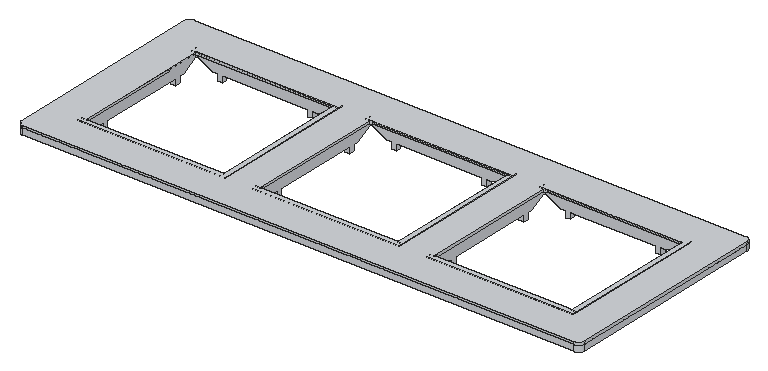
Revit family "Gira_0213335", category Electrical Fixtures, host Face, Revit 2017
Family settings
  Host = Face
  Maintain Annotation Orientation = No
  Round Connector Dimension = Use Diameter
  Part Type = Normal
  Cut with Voids When Loaded = No
  Shared = No
  Room Calculation Point = No
Parameters (values of type "Cov.fr. 3-g flat Gira E2 stainl.steel")
  With mounting grid = "No"
  With hinged lid = "No"
  URL = "http://katalog.gira.de/en/datenblatt.html?artikelnr=0213335"
  Type of fastening = "Clamp mounting"
  Transparent = "No"
  Surface protection = "Other"
  Suitable for wall duct = "No"
  Suitable for flush-mounted installation = "Yes"
  Suitable for floor box = "No"
  Suitable for built-in installation = "No"
  Number of units vertical = "3"
  Number of units horizontal = "3"
  Number of units = "3"
  Name = "Cov.fr. 3-g flat Gira E2 stainl.steel"
  Mounting direction = "Horizontal and vertical"
  Material quality = "Stainless steel"
  Material = "Metal"
  Manufacturer URL = "https://www.gira.de/"
  Manufacturer = "Gira"
  Label space/information surface = "No"
  Keynote = ""
  HeinzeBIM = "https://bimportal.heinze.de/bim/cov-fr-3-g-flat-gira-e2-stainl-steel/da3541c72511535169313f25f28e34984898887c"
  Halogen free = "No"
  HAN = "0213335"
  GTIN = "4010337019879"
  Description = "Cov.fr.3g flat E2 SST,Gira E2 cover frame for flat installation,Stainless steel,3-gang,"
  Degree of protection (IP) = "IP20"
  Default Elevation = 1219.2 mm
  Data sheet (1) = "https://katalog.gira.de/en/download.html?artikelnr=0213335"
  Colour = "Stainless steel"
  Category = "Cover frame for domestic switching devices"
  BIM (1) = "https://media.stage.bim.site/public/gira/36a6b08/E2flach_Rahmen_3fach.rfa"
  Available = "No"
Reference planes
  plane 1 "Center (Front/Back)": y = 0
  plane 2: z = 0
  plane 3 "Center (Left/Right)": x = 0
Forms (mm)
  Extrusion 1, solid, detail levels fine
    sketch origin (0, 0, 0) x (1, 0, 0) y (0, 1, 0)
      loop
        arc (-112.6, 43.9) -> (-114.368, 43.168) -> (-115.1, 41.4) r 2.5
        line (-115.1, 41.4) -> (-115.1, -41.4)
        arc (-115.1, -41.4) -> (-114.368, -43.168) -> (-112.6, -43.9) r 2.5
        line (-112.6, -43.9) -> (112.6, -43.9)
        arc (112.6, -43.9) -> (114.368, -43.168) -> (115.1, -41.4) r 2.5
        line (115.1, -41.4) -> (115.1, 41.4)
        arc (115.1, 41.4) -> (114.368, 43.168) -> (112.6, 43.9) r 2.5
        line (112.6, 43.9) -> (-112.6, 43.9)
      loop
        spline (-99.344, -27.245) -> (-99.336, -27.363) -> (-99.313, -27.478) -> (-99.275, -27.589) -> (-99.223, -27.695) -> (-99.158, -27.792) -> (-99.081, -27.881) -> (-98.992, -27.958) -> (-98.895, -28.023) -> (-98.789, -28.075) -> (-98.678, -28.113) -> (-98.563, -28.136) -> (-98.445, -28.144)
        line (-98.445, -28.144) -> (-43.955, -28.144)
        spline (-43.955, -28.144) -> (-43.837, -28.136) -> (-43.722, -28.113) -> (-43.611, -28.075) -> (-43.505, -28.023) -> (-43.408, -27.958) -> (-43.319, -27.881) -> (-43.242, -27.792) -> (-43.177, -27.695) -> (-43.125, -27.589) -> (-43.087, -27.478) -> (-43.064, -27.363) -> (-43.056, -27.245)
        line (-43.056, -27.245) -> (-43.056, 27.245)
        spline (-43.056, 27.245) -> (-43.064, 27.363) -> (-43.087, 27.478) -> (-43.125, 27.589) -> (-43.177, 27.695) -> (-43.242, 27.792) -> (-43.319, 27.881) -> (-43.408, 27.958) -> (-43.505, 28.023) -> (-43.611, 28.075) -> (-43.722, 28.113) -> (-43.837, 28.136) -> (-43.955, 28.144)
        line (-43.955, 28.144) -> (-98.445, 28.144)
        spline (-98.445, 28.144) -> (-98.563, 28.136) -> (-98.678, 28.113) -> (-98.789, 28.075) -> (-98.895, 28.023) -> (-98.992, 27.958) -> (-99.081, 27.881) -> (-99.158, 27.792) -> (-99.223, 27.695) -> (-99.275, 27.589) -> (-99.313, 27.478) -> (-99.336, 27.363) -> (-99.344, 27.245)
        line (-99.344, 27.245) -> (-99.344, -27.245)
      loop
        spline (98.445, -28.144) -> (98.563, -28.136) -> (98.678, -28.113) -> (98.789, -28.075) -> (98.895, -28.023) -> (98.992, -27.958) -> (99.081, -27.881) -> (99.158, -27.792) -> (99.223, -27.695) -> (99.275, -27.589) -> (99.313, -27.478) -> (99.336, -27.363) -> (99.344, -27.245)
        line (99.344, -27.245) -> (99.344, 27.245)
        spline (99.344, 27.245) -> (99.336, 27.363) -> (99.313, 27.478) -> (99.275, 27.589) -> (99.223, 27.695) -> (99.158, 27.792) -> (99.081, 27.881) -> (98.992, 27.958) -> (98.895, 28.023) -> (98.789, 28.075) -> (98.678, 28.113) -> (98.563, 28.136) -> (98.445, 28.144)
        line (98.445, 28.144) -> (43.955, 28.144)
        spline (43.955, 28.144) -> (43.837, 28.136) -> (43.722, 28.113) -> (43.611, 28.075) -> (43.505, 28.023) -> (43.408, 27.958) -> (43.319, 27.881) -> (43.242, 27.792) -> (43.177, 27.695) -> (43.125, 27.589) -> (43.087, 27.478) -> (43.064, 27.363) -> (43.056, 27.245)
        line (43.056, 27.245) -> (43.056, -27.245)
        spline (43.056, -27.245) -> (43.064, -27.363) -> (43.087, -27.478) -> (43.125, -27.589) -> (43.177, -27.695) -> (43.242, -27.792) -> (43.319, -27.881) -> (43.408, -27.958) -> (43.505, -28.023) -> (43.611, -28.075) -> (43.722, -28.113) -> (43.837, -28.136) -> (43.955, -28.144)
        line (43.955, -28.144) -> (98.445, -28.144)
      loop
        spline (-28.144, -27.245) -> (-28.136, -27.363) -> (-28.113, -27.478) -> (-28.075, -27.589) -> (-28.023, -27.695) -> (-27.958, -27.792) -> (-27.881, -27.881) -> (-27.792, -27.958) -> (-27.695, -28.023) -> (-27.589, -28.075) -> (-27.478, -28.113) -> (-27.363, -28.136) -> (-27.245, -28.144)
        line (-27.245, -28.144) -> (27.245, -28.144)
        spline (27.245, -28.144) -> (27.363, -28.136) -> (27.478, -28.113) -> (27.589, -28.075) -> (27.695, -28.023) -> (27.792, -27.958) -> (27.881, -27.881) -> (27.958, -27.792) -> (28.023, -27.695) -> (28.075, -27.589) -> (28.113, -27.478) -> (28.136, -27.363) -> (28.144, -27.245)
        line (28.144, -27.245) -> (28.144, 27.245)
        spline (28.144, 27.245) -> (28.136, 27.363) -> (28.113, 27.478) -> (28.075, 27.589) -> (28.023, 27.695) -> (27.958, 27.792) -> (27.881, 27.881) -> (27.792, 27.958) -> (27.695, 28.023) -> (27.589, 28.075) -> (27.478, 28.113) -> (27.363, 28.136) -> (27.245, 28.144)
        line (27.245, 28.144) -> (-27.245, 28.144)
        spline (-27.245, 28.144) -> (-27.363, 28.136) -> (-27.478, 28.113) -> (-27.589, 28.075) -> (-27.695, 28.023) -> (-27.792, 27.958) -> (-27.881, 27.881) -> (-27.958, 27.792) -> (-28.023, 27.695) -> (-28.075, 27.589) -> (-28.113, 27.478) -> (-28.136, 27.363) -> (-28.144, 27.245)
        line (-28.144, 27.245) -> (-28.144, -27.245)
    from 2.5 to 3.4
  Extrusion 2, solid, detail levels fine
    sketch origin (0, 0, 0) x (1, 0, 0) y (0, 1, 0)
      loop
        arc (-112.6, 43.9) -> (-114.368, 43.168) -> (-115.1, 41.4) r 2.5
        line (-115.1, 41.4) -> (-115.1, -41.4)
        arc (-115.1, -41.4) -> (-114.368, -43.168) -> (-112.6, -43.9) r 2.5
        line (-112.6, -43.9) -> (112.6, -43.9)
        arc (112.6, -43.9) -> (114.368, -43.168) -> (115.1, -41.4) r 2.5
        line (115.1, -41.4) -> (115.1, 41.4)
        arc (115.1, 41.4) -> (114.368, 43.168) -> (112.6, 43.9) r 2.5
        line (112.6, 43.9) -> (-112.6, 43.9)
      loop
        arc (-112.6, 43.4) -> (-114.014, 42.814) -> (-114.6, 41.4) r 2
        line (-114.6, 41.4) -> (-114.6, -41.4)
        arc (-114.6, -41.4) -> (-114.014, -42.814) -> (-112.6, -43.4) r 2
        line (-112.6, -43.4) -> (112.6, -43.4)
        arc (112.6, -43.4) -> (114.014, -42.814) -> (114.6, -41.4) r 2
        line (114.6, -41.4) -> (114.6, 41.4)
        arc (114.6, 41.4) -> (114.014, 42.814) -> (112.6, 43.4) r 2
        line (112.6, 43.4) -> (-112.6, 43.4)
    from 0 to 2.5
  Extrusion 3, solid, detail levels fine
    sketch origin (-71.2, 0, 0) x (1, 0, 0) y (0, 0, 1)
      loop
        line (-17.5, -4.06) -> (-17.5, -1.56) -> (17.5, -1.56) -> (17.5, -4.06) -> (19.5, -4.06) -> (19.5, -1.56) -> (21.654, -1.56) -> (27.214, 1.65) -> (30, 1.65) -> (30, 3.4) -> (-30, 3.4) -> (-30, 1.65) -> (-27.214, 1.65) -> (-21.654, -1.56) -> (-19.5, -1.56) -> (-19.5, -4.06) -> (-17.5, -4.06)
    from 28.144 to 30
  Extrusion 4, solid, detail levels fine
    sketch origin (-71.2, 0, 0) x (0, -1, 0) y (0, 0, -1)
      loop
        line (-17.5, 4.06) -> (-19.5, 4.06) -> (-19.5, 1.56) -> (-21.654, 1.56) -> (-27.214, -1.65) -> (-28.144, -1.65) -> (-28.144, -3.4) -> (28.144, -3.4) -> (28.144, -1.65) -> (27.214, -1.65) -> (21.654, 1.56) -> (19.5, 1.56) -> (19.5, 4.06) -> (17.5, 4.06) -> (17.5, 1.56) -> (-17.5, 1.56) -> (-17.5, 4.06)
    from 28.144 to 30
  Extrusion 5, solid, detail levels medium
    sketch origin (-71.2, 0, 0) x (0, -1, 0) y (0, 0, 1)
      loop
        line (-17.5, -4.06) -> (-17.5, -1.56) -> (17.5, -1.56) -> (17.5, -4.06) -> (19.5, -4.06) -> (19.5, -1.56) -> (28.144, -1.56) -> (28.144, 3.4) -> (-28.144, 3.4) -> (-28.144, -1.56) -> (-19.5, -1.56) -> (-19.5, -4.06) -> (-17.5, -4.06)
    from 28.144 to 30
  Extrusion 6, solid, detail levels fine
    sketch origin (-71.2, 0, 0) x (1, 0, 0) y (0, 0, -1)
      loop
        line (-17.5, 4.06) -> (-19.5, 4.06) -> (-19.5, 1.56) -> (-21.654, 1.56) -> (-27.214, -1.65) -> (-30, -1.65) -> (-30, -3.4) -> (30, -3.4) -> (30, -1.65) -> (27.214, -1.65) -> (21.654, 1.56) -> (19.5, 1.56) -> (19.5, 4.06) -> (17.5, 4.06) -> (17.5, 1.56) -> (-17.5, 1.56) -> (-17.5, 4.06)
    from 28.144 to 30
  Extrusion 7, solid, detail levels coarse
    sketch origin (0, 0, 0) x (1, 0, 0) y (0, 1, 0)
      loop
        line (-115.1, 43.9) -> (-115.1, -43.9) -> (115.1, -43.9) -> (115.1, 43.9) -> (-115.1, 43.9)
    from -4.06 to 3.4
  Extrusion 8, solid, detail levels medium
    sketch origin (0, 0, 0) x (1, 0, 0) y (0, 1, 0)
      loop
        line (-115.1, 43.9) -> (-115.1, -43.9) -> (115.1, -43.9) -> (115.1, 43.9) -> (-115.1, 43.9)
    from 0 to 3.4
  Extrusion 9, solid, detail levels medium
    sketch origin (-71.2, 0, 0) x (1, 0, 0) y (0, 0, 1)
      loop
        line (-17.5, -4.06) -> (-17.5, -1.56) -> (17.5, -1.56) -> (17.5, -4.06) -> (19.5, -4.06) -> (19.5, -1.56) -> (30, -1.56) -> (30, 3.4) -> (-30, 3.4) -> (-30, -1.56) -> (-19.5, -1.56) -> (-19.5, -4.06) -> (-17.5, -4.06)
    from 28.144 to 30
  Extrusion 10, solid, detail levels medium
    sketch origin (-71.2, 0, 0) x (1, 0, 0) y (0, 0, -1)
      loop
        line (-17.5, 4.06) -> (-19.5, 4.06) -> (-19.5, 1.56) -> (-30, 1.56) -> (-30, -3.4) -> (30, -3.4) -> (30, 1.56) -> (19.5, 1.56) -> (19.5, 4.06) -> (17.5, 4.06) -> (17.5, 1.56) -> (-17.5, 1.56) -> (-17.5, 4.06)
    from 28.144 to 30
  Extrusion 11, solid, detail levels medium
    sketch origin (-71.2, 0, 0) x (0, -1, 0) y (0, 0, -1)
      loop
        line (-17.5, 4.06) -> (-19.5, 4.06) -> (-19.5, 1.56) -> (-28.144, 1.56) -> (-28.144, -3.4) -> (28.144, -3.4) -> (28.144, 1.56) -> (19.5, 1.56) -> (19.5, 4.06) -> (17.5, 4.06) -> (17.5, 1.56) -> (-17.5, 1.56) -> (-17.5, 4.06)
    from 28.144 to 30
  Extrusion 12, solid, detail levels fine
    sketch origin (71.2, 0, 0) x (-1, 0, 0) y (0, 0, -1)
      loop
        line (-17.5, 4.06) -> (-19.5, 4.06) -> (-19.5, 1.56) -> (-21.654, 1.56) -> (-27.214, -1.65) -> (-30, -1.65) -> (-30, -3.4) -> (30, -3.4) -> (30, -1.65) -> (27.214, -1.65) -> (21.654, 1.56) -> (19.5, 1.56) -> (19.5, 4.06) -> (17.5, 4.06) -> (17.5, 1.56) -> (-17.5, 1.56) -> (-17.5, 4.06)
    from 28.144 to 30
  Extrusion 13, solid, detail levels fine
    sketch origin (71.2, 0, 0) x (0, -1, 0) y (0, 0, 1)
      loop
        line (-17.5, -4.06) -> (-17.5, -1.56) -> (17.5, -1.56) -> (17.5, -4.06) -> (19.5, -4.06) -> (19.5, -1.56) -> (21.654, -1.56) -> (27.214, 1.65) -> (28.144, 1.65) -> (28.144, 3.4) -> (-28.144, 3.4) -> (-28.144, 1.65) -> (-27.214, 1.65) -> (-21.654, -1.56) -> (-19.5, -1.56) -> (-19.5, -4.06) -> (-17.5, -4.06)
    from 28.144 to 30
  Extrusion 14, solid, detail levels medium
    sketch origin (71.2, 0, 0) x (0, -1, 0) y (0, 0, -1)
      loop
        line (-17.5, 4.06) -> (-19.5, 4.06) -> (-19.5, 1.56) -> (-28.144, 1.56) -> (-28.144, -3.4) -> (28.144, -3.4) -> (28.144, 1.56) -> (19.5, 1.56) -> (19.5, 4.06) -> (17.5, 4.06) -> (17.5, 1.56) -> (-17.5, 1.56) -> (-17.5, 4.06)
    from 28.144 to 30
  Extrusion 15, solid, detail levels fine
    sketch origin (71.2, 0, 0) x (-1, 0, 0) y (0, 0, 1)
      loop
        line (-17.5, -4.06) -> (-17.5, -1.56) -> (17.5, -1.56) -> (17.5, -4.06) -> (19.5, -4.06) -> (19.5, -1.56) -> (21.654, -1.56) -> (27.214, 1.65) -> (30, 1.65) -> (30, 3.4) -> (-30, 3.4) -> (-30, 1.65) -> (-27.214, 1.65) -> (-21.654, -1.56) -> (-19.5, -1.56) -> (-19.5, -4.06) -> (-17.5, -4.06)
    from 28.144 to 30
  Extrusion 16, solid, detail levels medium
    sketch origin (71.2, 0, 0) x (-1, 0, 0) y (0, 0, -1)
      loop
        line (-17.5, 4.06) -> (-19.5, 4.06) -> (-19.5, 1.56) -> (-30, 1.56) -> (-30, -3.4) -> (30, -3.4) -> (30, 1.56) -> (19.5, 1.56) -> (19.5, 4.06) -> (17.5, 4.06) -> (17.5, 1.56) -> (-17.5, 1.56) -> (-17.5, 4.06)
    from 28.144 to 30
  Extrusion 17, solid, detail levels medium
    sketch origin (71.2, 0, 0) x (-1, 0, 0) y (0, 0, 1)
      loop
        line (-17.5, -4.06) -> (-17.5, -1.56) -> (17.5, -1.56) -> (17.5, -4.06) -> (19.5, -4.06) -> (19.5, -1.56) -> (30, -1.56) -> (30, 3.4) -> (-30, 3.4) -> (-30, -1.56) -> (-19.5, -1.56) -> (-19.5, -4.06) -> (-17.5, -4.06)
    from 28.144 to 30
  Extrusion 18, solid, detail levels medium
    sketch origin (71.2, 0, 0) x (0, -1, 0) y (0, 0, 1)
      loop
        line (-17.5, -4.06) -> (-17.5, -1.56) -> (17.5, -1.56) -> (17.5, -4.06) -> (19.5, -4.06) -> (19.5, -1.56) -> (28.144, -1.56) -> (28.144, 3.4) -> (-28.144, 3.4) -> (-28.144, -1.56) -> (-19.5, -1.56) -> (-19.5, -4.06) -> (-17.5, -4.06)
    from 28.144 to 30
  Extrusion 19, solid, detail levels fine
    sketch origin (-129.344, 0, 0) x (0, -1, 0) y (0, 0, -1)
      loop
        line (-17.5, 4.06) -> (-19.5, 4.06) -> (-19.5, 1.56) -> (-21.654, 1.56) -> (-27.214, -1.65) -> (-28.144, -1.65) -> (-28.144, -3.4) -> (28.144, -3.4) -> (28.144, -1.65) -> (27.214, -1.65) -> (21.654, 1.56) -> (19.5, 1.56) -> (19.5, 4.06) -> (17.5, 4.06) -> (17.5, 1.56) -> (-17.5, 1.56) -> (-17.5, 4.06)
    from 28.144 to 30
  Extrusion 20, solid, detail levels fine
    sketch origin (129.344, 0, 0) x (0, -1, 0) y (0, 0, 1)
      loop
        line (-17.5, -4.06) -> (-17.5, -1.56) -> (17.5, -1.56) -> (17.5, -4.06) -> (19.5, -4.06) -> (19.5, -1.56) -> (21.654, -1.56) -> (27.214, 1.65) -> (28.144, 1.65) -> (28.144, 3.4) -> (-28.144, 3.4) -> (-28.144, 1.65) -> (-27.214, 1.65) -> (-21.654, -1.56) -> (-19.5, -1.56) -> (-19.5, -4.06) -> (-17.5, -4.06)
    from 28.144 to 30
  Extrusion 21, solid, detail levels fine
    sketch origin (0, 0, 0) x (-1, 0, 0) y (0, 0, -1)
      loop
        line (-17.5, 4.06) -> (-19.5, 4.06) -> (-19.5, 1.56) -> (-21.654, 1.56) -> (-27.214, -1.65) -> (-30, -1.65) -> (-30, -3.4) -> (30, -3.4) -> (30, -1.65) -> (27.214, -1.65) -> (21.654, 1.56) -> (19.5, 1.56) -> (19.5, 4.06) -> (17.5, 4.06) -> (17.5, 1.56) -> (-17.5, 1.56) -> (-17.5, 4.06)
    from 28.144 to 30
  Extrusion 22, solid, detail levels fine
    sketch origin (0, 0, 0) x (0, -1, 0) y (0, 0, 1)
      loop
        line (-17.5, -4.06) -> (-17.5, -1.56) -> (17.5, -1.56) -> (17.5, -4.06) -> (19.5, -4.06) -> (19.5, -1.56) -> (21.654, -1.56) -> (27.214, 1.65) -> (28.144, 1.65) -> (28.144, 3.4) -> (-28.144, 3.4) -> (-28.144, 1.65) -> (-27.214, 1.65) -> (-21.654, -1.56) -> (-19.5, -1.56) -> (-19.5, -4.06) -> (-17.5, -4.06)
    from 28.144 to 30
  Extrusion 23, solid, detail levels medium
    sketch origin (0, 0, 0) x (0, -1, 0) y (0, 0, -1)
      loop
        line (-17.5, 4.06) -> (-19.5, 4.06) -> (-19.5, 1.56) -> (-28.144, 1.56) -> (-28.144, -3.4) -> (28.144, -3.4) -> (28.144, 1.56) -> (19.5, 1.56) -> (19.5, 4.06) -> (17.5, 4.06) -> (17.5, 1.56) -> (-17.5, 1.56) -> (-17.5, 4.06)
    from 28.144 to 30
  Extrusion 24, solid, detail levels fine
    sketch origin (0, 0, 0) x (-1, 0, 0) y (0, 0, 1)
      loop
        line (-17.5, -4.06) -> (-17.5, -1.56) -> (17.5, -1.56) -> (17.5, -4.06) -> (19.5, -4.06) -> (19.5, -1.56) -> (21.654, -1.56) -> (27.214, 1.65) -> (30, 1.65) -> (30, 3.4) -> (-30, 3.4) -> (-30, 1.65) -> (-27.214, 1.65) -> (-21.654, -1.56) -> (-19.5, -1.56) -> (-19.5, -4.06) -> (-17.5, -4.06)
    from 28.144 to 30
  Extrusion 25, solid, detail levels medium
    sketch origin (0, 0, 0) x (-1, 0, 0) y (0, 0, -1)
      loop
        line (-17.5, 4.06) -> (-19.5, 4.06) -> (-19.5, 1.56) -> (-30, 1.56) -> (-30, -3.4) -> (30, -3.4) -> (30, 1.56) -> (19.5, 1.56) -> (19.5, 4.06) -> (17.5, 4.06) -> (17.5, 1.56) -> (-17.5, 1.56) -> (-17.5, 4.06)
    from 28.144 to 30
  Extrusion 26, solid, detail levels medium
    sketch origin (0, 0, 0) x (-1, 0, 0) y (0, 0, 1)
      loop
        line (-17.5, -4.06) -> (-17.5, -1.56) -> (17.5, -1.56) -> (17.5, -4.06) -> (19.5, -4.06) -> (19.5, -1.56) -> (30, -1.56) -> (30, 3.4) -> (-30, 3.4) -> (-30, -1.56) -> (-19.5, -1.56) -> (-19.5, -4.06) -> (-17.5, -4.06)
    from 28.144 to 30
  Extrusion 27, solid, detail levels medium
    sketch origin (0, 0, 0) x (0, -1, 0) y (0, 0, 1)
      loop
        line (-17.5, -4.06) -> (-17.5, -1.56) -> (17.5, -1.56) -> (17.5, -4.06) -> (19.5, -4.06) -> (19.5, -1.56) -> (28.144, -1.56) -> (28.144, 3.4) -> (-28.144, 3.4) -> (-28.144, -1.56) -> (-19.5, -1.56) -> (-19.5, -4.06) -> (-17.5, -4.06)
    from 28.144 to 30
  Extrusion 28, solid, detail levels fine
    sketch origin (58.144, 0, 0) x (0, -1, 0) y (0, 0, 1)
      loop
        line (-17.5, -4.06) -> (-17.5, -1.56) -> (17.5, -1.56) -> (17.5, -4.06) -> (19.5, -4.06) -> (19.5, -1.56) -> (21.654, -1.56) -> (27.214, 1.65) -> (28.144, 1.65) -> (28.144, 3.4) -> (-28.144, 3.4) -> (-28.144, 1.65) -> (-27.214, 1.65) -> (-21.654, -1.56) -> (-19.5, -1.56) -> (-19.5, -4.06) -> (-17.5, -4.06)
    from 28.144 to 30
Dimensions and locks
  aligned and locked: plane 2 to host face
  aligned and locked: level to host face
